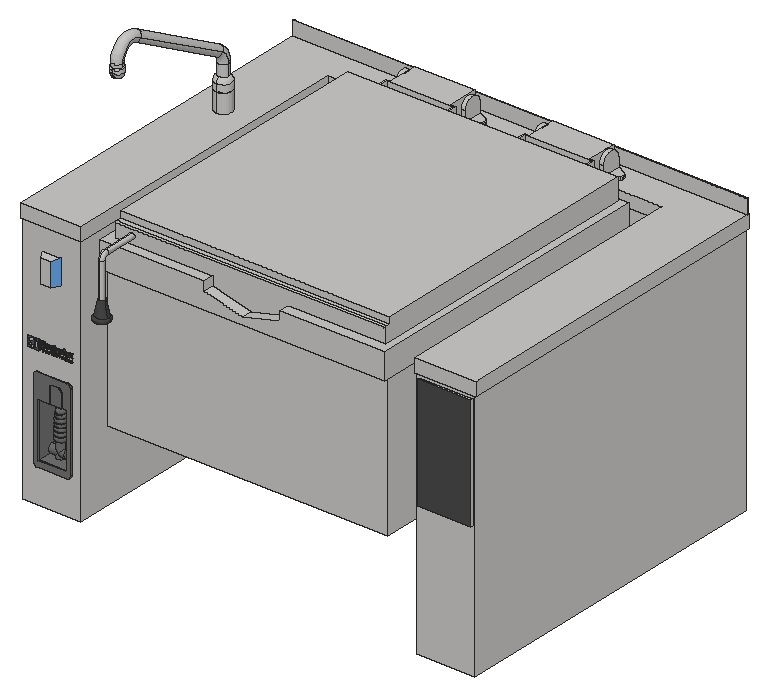
Revit family "QF_ELECTROLUXPROFESSIONAL_586955_PFET09ELES", category Specialty Equipment, Revit 2018 (continued)
Automatic sketch dimensions
  Extrusion 25 sketch curve to Extrusion 25 sketch curve = 0.292 mm
  Extrusion 25 sketch curve to Extrusion 25 sketch curve = 0.434 mm  (x2)
  Extrusion 25 sketch curve to Extrusion 25 sketch curve = 0.385 mm  (x2)
  Extrusion 25 sketch curve to Extrusion 25 sketch curve = 2.117 mm
  Extrusion 25 sketch curve to Extrusion 25 sketch curve = 0.295 mm  (x2)
  Extrusion 25 sketch curve to Extrusion 25 sketch curve = 0.968 mm
  Extrusion 25 sketch curve to Extrusion 25 sketch curve = 3.826 mm
  Extrusion 25 sketch curve to Extrusion 25 sketch curve = 1.018 mm  (x2)
  Extrusion 25 sketch curve to Extrusion 25 sketch curve = 4.718 mm
  Extrusion 25 sketch curve to Extrusion 25 sketch curve = 2.967 mm
  Extrusion 25 sketch curve to Extrusion 25 sketch curve = 1.662 mm
  Extrusion 25 sketch curve to Extrusion 25 sketch curve = 1.626 mm  (x3)
  Extrusion 25 sketch curve to Extrusion 25 sketch curve = 1.65 mm
  Extrusion 25 sketch curve to Extrusion 25 sketch curve = 1.192 mm
  Extrusion 25 sketch curve to Extrusion 25 sketch curve = 2.57 mm  (x2)
  Extrusion 25 sketch curve to Extrusion 25 sketch curve = 3.444 mm  (x2)
  Extrusion 25 sketch curve to Extrusion 25 sketch curve = 1.343 mm  (x2)
  Extrusion 25 sketch curve to Extrusion 25 sketch curve = 1.353 mm  (x2)
  Extrusion 25 sketch curve to Extrusion 25 sketch curve = 0.027 mm  (x2)
  Extrusion 25 sketch curve to Extrusion 25 sketch curve = 0.395 mm  (x2)
  Extrusion 25 sketch curve to Extrusion 25 sketch curve = 0.329 mm  (x2)
  Extrusion 25 sketch curve to Extrusion 25 sketch curve = 0.425 mm  (x2)
  Extrusion 25 sketch curve to Extrusion 25 sketch curve = 0.051 mm  (x2)
  Extrusion 25 sketch curve to Extrusion 25 sketch curve = 0.495 mm  (x2)
  Extrusion 25 sketch curve to Extrusion 25 sketch curve = 0.267 mm  (x2)
  Extrusion 25 sketch curve to Extrusion 25 sketch curve = 1.40 mm
  Extrusion 25 sketch curve to Extrusion 25 sketch curve = 5.233 mm
  Extrusion 25 sketch curve to Extrusion 25 sketch curve = 2.062 mm
  plane 3 "LEFT" to Extrusion 26 sketch curve = 43.40 mm
  Extrusion 26 sketch curve to Extrusion 26 sketch curve = 82.00 mm
  plane 7 to Extrusion 26 sketch curve = 105.944 mm
  Extrusion 26 sketch curve to Extrusion 26 sketch curve = 195.00 mm
  Extrusion 27 sketch curve to plane 6 "TOP" = 0.00 mm
  Extrusion 27 sketch curve to plane 1 "BACK" = 0.00 mm
  Extrusion 27 sketch curve to Extrusion 27 sketch curve = 2.00 mm
  plane 6 "TOP" to Extrusion 27 sketch curve = 37.998 mm
  radius of Sweep 5 sketch curve = 6.119 mm
  radius of Extrusion 22 sketch curve = 6.35 mm  (x2)
  radius of Extrusion 23 sketch curve = 6.35 mm
  radius of curve 28 = 25.00 mm
  radius of Extrusion 25 sketch curve = 2.453 mm
  radius of Extrusion 25 sketch curve = 1.557 mm
  radius of Extrusion 25 sketch curve = 1.468 mm
  radius of Extrusion 25 sketch curve = 2.451 mm
Nested families
  nested 1: "QF_ELECTROLUXPROFESSIONAL_RubSprint" at (80, -330.346, 900), type "QF_ELECTROLUXPROFESSIONAL_RubSprint"
  nested 2: "QF_ELECTROLUXPROFESSIONAL_SprayGun" at (80.4, -837, 291.944), type "QF_ELECTROLUXPROFESSIONAL_SprayGun"
Connectors
  electrical at (1121.204, 5, 395), driven by "Volts"
    settings: on Extrusion 23, index 1, voltage 400 V, apparent load 15500 VA, apparent load phase1 0 VA, apparent load phase2 0 VA, apparent load phase3 0 VA, power factor 1, load classification "Other", number of poles 1, system type 30, power factor state 1, is connector primary yes, connector utility no, sub classification motor no, connector description "Electrical Connection"
  piping at (106.204, 5, 395), diameter 12.7
    settings: on Extrusion 22, index 2, connector inside diameter 1/2", connector length 0.00 mm, flow factor 0, pipe flow 0 GPM, pressure drop 0.00 psi, fitting loss kfactor 0, connector angle 0.00°, fixture units 0, engagement length 0.00 mm, angle of deflection 0.00°, flow configuration 1, flow direction 1, fitting loss method 0, system type 20, joint type 0, gender type 0, connector reference index -1, connector utility 0, adjustable connector no, is connector primary yes, connector description "Cold Water Inlet"
  piping at (46.204, 5, 395), diameter 12.7
    settings: on Extrusion 22, index 3, connector inside diameter 1/2", connector length 0.00 mm, flow factor 0, pipe flow 0 GPM, pressure drop 0.00 psi, fitting loss kfactor 0, connector angle 0.00°, fixture units 0, engagement length 0.00 mm, angle of deflection 0.00°, flow configuration 1, flow direction 1, fitting loss method 0, system type 19, joint type 0, gender type 0, connector reference index -1, connector utility 0, adjustable connector no, is connector primary no, connector description "Hot Water Inlet"
Definition of nested family "QF_ELECTROLUXPROFESSIONAL_RubSprint"
  Reference planes
    plane 1 "Center (Front/Back)": y = 0
    plane 2: z = 0
    plane 3 "Center (Left/Right)": x = 0
  Forms (mm)
    Revolve 1, solid
      sketch origin (0, 0, 0) x (0, 1, 0) y (0, 0, 1)
        loop
          line (-21, 0) -> (0, 0) -> (0, 82.75) -> (-14.385, 82.75)
          arc (-14.385, 82.75) -> (-19.409, 76.68) -> (-22.385, 69.383) r 26
          line (-22.385, 69.383) -> (-22.385, 51.306) -> (-21, 50.388) -> (-21, 0)
        axis (0, 82.75) -> (0, 0)
      angle from 0 to 360
    Sweep 2, solid
      path origin (0, 0, 0) x (0, 1, 0) y (0, 0, 1)
        loop
          line (0, 82.75) -> (0, 113.75)
          arc (0, 113.75) -> (-5.44, 133.889) -> (-20.279, 148.551) r 40
          line (-20.279, 148.551) -> (-290.279, 301.55)
          arc (-290.279, 301.55) -> (-330.139, 301.31) -> (-349.999, 266.749) r 40
          line (-349.999, 266.749) -> (-349.999, 257.884)
      profile origin (0, 0, 98.25) x (0, -1, 0) y (1, 0, 0)
        loop
          circle (0, 0) r 13.5
    Revolve 3, solid
      sketch origin (0, 0, 0) x (0, 1, 0) y (0, 0, 1)
        loop
          line (-333.717, 244.264) -> (-333.717, 254.236)
          arc (-333.717, 254.236) -> (-334.434, 255.758) -> (-335.779, 256.77) r 3.5
          line (-335.779, 256.77) -> (-336.499, 257.884) -> (-349.999, 257.884) -> (-349.999, 233.05) -> (-339.2, 233.05)
          arc (-339.2, 233.05) -> (-338.052, 233.411) -> (-337.32, 234.365) r 2
          line (-337.32, 234.365) -> (-333.717, 244.264)
        axis (-349.999, 257.884) -> (-349.999, 233.05)
      angle from 0 to 360
  Lines and regions (mm)
    symbolic lines
      curve 1: arc (-13.5, -17.856, 0) -> (0, 22.385, 0) -> (13.5, -17.856, 0) r 22.385
      curve 2: arc (-13.5, 0, 0) -> (0, 13.5, 0) -> (13.5, 0, 0) r 13.5
      curve 3: arc (-13.5, -349.999, 0) -> (0, -363.499, 0) -> (13.5, -349.999, 0) r 13.5
      curve 4: arc (-13.5, -340.897, 0) -> (0, -366.281, 0) -> (13.5, -340.897, 0) r 16.282
      curve 5: line (13.5, -349.999, 0) -> (13.5, 0, 0)
      curve 6: line (-13.5, -349.999, 0) -> (-13.5, 0, 0)
  Dimensions and locks
    aligned and locked: level to plane 2
Definition of nested family "QF_ELECTROLUXPROFESSIONAL_SprayGun"
  Reference planes
    plane 1 "Center (Front/Back)": y = 0
    plane 2: z = 0
    plane 3 "SGy": x = 13
    plane 4 "AxeZ": y = -45
    plane 5 "Center (Left/Right)": x = 4
    plane 6 "Center (Top/Right)": z = 112.5
  Forms (mm)
    Revolve 1, solid
      sketch origin (0, -45, 0) x (0, 0, 1) y (-1, 0, 0)
        loop
          line (73.98, -1.423) -> (33.98, -1.423) -> (33.98, -13) -> (151.7, -13) -> (151.7, -4.362)
          arc (151.7, -4.362) -> (147.093, -1.396) -> (141.64, -1.926) r 8.345
          arc (141.64, -1.926) -> (140.226, -2.024) -> (139.103, -1.16) r 2
          arc (139.103, -1.16) -> (138.832, -0.814) -> (138.493, -0.536) r 2
          arc (138.493, -0.536) -> (134.77, 0.557) -> (131.061, -0.581) r 6.745
          arc (131.061, -0.581) -> (129.812, -0.914) -> (128.62, -0.414) r 2
          arc (128.62, -0.414) -> (124.347, 1.338) -> (119.917, 0.035) r 6.972
          arc (119.917, 0.035) -> (118.79, -0.341) -> (117.648, -0.011) r 2
          arc (117.648, -0.011) -> (113.81, 1.188) -> (109.921, 0.166) r 7.275
          arc (109.921, 0.166) -> (108.725, -0.109) -> (107.594, 0.367) r 2
          arc (107.594, 0.367) -> (103.55, 1.928) -> (99.427, 0.587) r 6.475
          arc (99.427, 0.587) -> (98.262, 0.173) -> (97.076, 0.524) r 2
          arc (97.076, 0.524) -> (92.711, 1.941) -> (88.277, 0.758) r 8.094
          arc (88.277, 0.758) -> (87.212, 0.464) -> (86.153, 0.781) r 2
          arc (86.153, 0.781) -> (79.633, 2.075) -> (73.98, -1.423) r 9.075
        axis (151.7, -13) -> (33.98, -13)
      angle from 0 to 360
    Revolve 2, solid
      sketch origin (0, -45, 0) x (0, 0, 1) y (-1, 0, 0)
        loop
          line (47.58, 11.558) -> (40.98, 11.558) -> (40.98, 9.577) -> (35.98, 9.577) -> (35.98, -30.423) -> (40.98, -30.423) -> (40.98, -35.423) -> (47.58, -35.423) -> (47.58, 11.558)
        axis (47.58, 11.558) -> (47.58, -35.423)
      angle from 0 to 360
    Extrusion 3, solid
      sketch origin (0, -45, 0) x (1, 0, 0) y (0, 1, 0)
        loop
          line (21.638, 0) -> (17.319, 7.481) -> (8.681, 7.481) -> (4.362, 0) -> (8.681, -7.481) -> (17.319, -7.481) -> (21.638, 0)
      from 151.7 to 160.974
    Extrusion 4, solid
      sketch origin (0, 0, 0) x (1, 0, 0) y (0, 0, 1)
        loop
          arc (-45, 10) -> (-42.071, 2.929) -> (-35, 0) r 10
          line (-35, 0) -> (43, 0)
          arc (43, 0) -> (50.071, 2.929) -> (53, 10) r 10
          line (53, 10) -> (53, 215)
          arc (53, 215) -> (50.071, 222.071) -> (43, 225) r 10
          line (43, 225) -> (-35, 225)
          arc (-35, 225) -> (-42.071, 222.071) -> (-45, 215) r 10
          line (-45, 215) -> (-45, 10)
        loop
          line (-35, 162) -> (-35, 16) -> (43, 16) -> (43, 162) -> (29, 162) -> (29, 199)
          arc (29, 199) -> (26.657, 204.657) -> (21, 207) r 8
          line (21, 207) -> (5, 207)
          arc (5, 207) -> (-0.657, 204.657) -> (-3, 199) r 8
          line (-3, 199) -> (-3, 162) -> (-35, 162)
      from 63 to 60
    Extrusion 5, solid
      sketch origin (0, 0, 0) x (1, 0, 0) y (0, 0, 1)
        loop
          line (-35, 16) -> (43, 16) -> (43, 162) -> (29, 162) -> (29, 199)
          arc (29, 199) -> (26.657, 204.657) -> (21, 207) r 8
          line (21, 207) -> (5, 207)
          arc (5, 207) -> (-0.657, 204.657) -> (-3, 199) r 8
          line (-3, 199) -> (-3, 162) -> (-35, 162) -> (-35, 16)
        loop
          line (31, 164) -> (31, 199)
          arc (31, 199) -> (28.071, 206.071) -> (21, 209) r 10
          line (21, 209) -> (5, 209)
          arc (5, 209) -> (-2.071, 206.071) -> (-5, 199) r 10
          line (-5, 199) -> (-5, 164) -> (-37, 164) -> (-37, 14) -> (45, 14) -> (45, 164) -> (31, 164)
      from 0 to 60
    Extrusion 6, solid
      sketch origin (0, 0, 0) x (1, 0, 0) y (0, 0, 1)
        loop
          line (-37, 164) -> (-37, 14) -> (45, 14) -> (45, 164) -> (-37, 164)
      from 6 to 0
    Extrusion 7, solid
      sketch origin (0, 0, 0) x (1, 0, 0) y (0, 0, 1)
        loop
          line (28, 160.974) -> (28, 198)
          arc (28, 198) -> (25.657, 203.657) -> (20, 206) r 8
          line (20, 206) -> (6, 206)
          arc (6, 206) -> (0.343, 203.657) -> (-2, 198) r 8
          line (-2, 198) -> (-2, 160.974) -> (28, 160.974)
      from 0 to 63
  Dimensions and locks
    equal spacing: Extrusion 4, plane 5 "Center (Left/Right)", Extrusion 4
    Extrusion 4 to Extrusion 4 = 225.00 mm
    Extrusion 4 to Extrusion 4 = 98.00 mm
    aligned and locked: level to plane 2
  Automatic sketch dimensions
    plane 3 "SGy" to Revolve 1 sketch curve = 0.00 mm  (x2)
    plane 5 "Center (Left/Right)" to Revolve 1 sketch curve = 2.577 mm
    level to Revolve 1 sketch curve = 33.98 mm
    Revolve 1 sketch curve to Revolve 1 sketch curve = 40.00 mm
    Revolve 1 sketch curve to plane 5 "Center (Left/Right)" = 2.854 mm
    Revolve 1 sketch curve to Revolve 1 sketch curve = 7.27 mm
    Revolve 1 sketch curve to Revolve 1 sketch curve = 5.984 mm
    Revolve 1 sketch curve to plane 5 "Center (Left/Right)" = 2.15 mm
    Revolve 1 sketch curve to Revolve 1 sketch curve = 5.262 mm
    Revolve 1 sketch curve to Revolve 1 sketch curve = 5.712 mm
    Revolve 1 sketch curve to plane 5 "Center (Left/Right)" = 0.545 mm
    Revolve 1 sketch curve to Revolve 1 sketch curve = 5.167 mm
    Revolve 1 sketch curve to Revolve 1 sketch curve = 5.522 mm
    Revolve 1 sketch curve to plane 5 "Center (Left/Right)" = 2.085 mm
    Revolve 1 sketch curve to Revolve 1 sketch curve = 4.746 mm
    Revolve 1 sketch curve to Revolve 1 sketch curve = 5.106 mm
    Revolve 1 sketch curve to plane 5 "Center (Left/Right)" = 1.624 mm
    Revolve 1 sketch curve to Revolve 1 sketch curve = 5.239 mm
    Revolve 1 sketch curve to Revolve 1 sketch curve = 5.96 mm
    Revolve 1 sketch curve to plane 5 "Center (Left/Right)" = 2.187 mm
    Revolve 1 sketch curve to Revolve 1 sketch curve = 4.862 mm
    plane 5 "Center (Left/Right)" to Revolve 1 sketch curve = 1.788 mm
    Revolve 1 sketch curve to Revolve 1 sketch curve = 2.59 mm
    Revolve 1 sketch curve to Revolve 1 sketch curve = 3.403 mm
    plane 3 "SGy" to Revolve 1 sketch curve = 3.493 mm
    Revolve 1 sketch curve to Revolve 1 sketch curve = 4.325 mm
    Revolve 1 sketch curve to Revolve 1 sketch curve = 6.57 mm
    Revolve 1 sketch curve to plane 5 "Center (Left/Right)" = 0.362 mm
    plane 5 "Center (Left/Right)" to Revolve 1 sketch curve = 3.891 mm
    plane 5 "Center (Left/Right)" to Revolve 1 sketch curve = 5.081 mm
    plane 5 "Center (Left/Right)" to Revolve 1 sketch curve = 5.658 mm
    plane 5 "Center (Left/Right)" to Revolve 1 sketch curve = 5.884 mm
    plane 5 "Center (Left/Right)" to Revolve 1 sketch curve = 6.173 mm
    plane 5 "Center (Left/Right)" to Revolve 1 sketch curve = 6.464 mm
    Revolve 1 sketch curve to Revolve 1 sketch curve = 7.72 mm
    Revolve 1 sketch curve to Revolve 1 sketch curve = 0.00 mm  (x12)
    Revolve 1 sketch curve to Revolve 1 sketch curve = 1.57 mm
    Revolve 2 sketch curve to plane 3 "SGy" = 17.423 mm
    level to Revolve 2 sketch curve = 35.98 mm
    Revolve 2 sketch curve to Revolve 2 sketch curve = 5.00 mm  (x3)
    Revolve 2 sketch curve to Revolve 2 sketch curve = 6.60 mm
    plane 5 "Center (Left/Right)" to Revolve 2 sketch curve = 13.577 mm
    Revolve 2 sketch curve to Revolve 2 sketch curve = 1.981 mm
    Revolve 2 sketch curve to Revolve 2 sketch curve = 0.00 mm  (x2)
    Revolve 2 sketch curve to Revolve 2 sketch curve = 4.326 mm
    plane 4 "AxeZ" to Extrusion 3 sketch curve = 0.00 mm  (x2)
    Extrusion 3 sketch curve to plane 5 "Center (Left/Right)" = 0.362 mm
    plane 3 "SGy" to Extrusion 3 sketch curve = 4.319 mm  (x2)
    Extrusion 3 sketch curve to plane 3 "SGy" = 4.319 mm  (x2)
    Extrusion 3 sketch curve to Extrusion 3 sketch curve = 4.319 mm
    plane 4 "AxeZ" to Extrusion 3 sketch curve = 7.481 mm
    Extrusion 3 sketch curve to plane 4 "AxeZ" = 7.481 mm
    Extrusion 4 sketch curve to level = 0.00 mm
    level to Extrusion 4 sketch curve = 10.00 mm
    plane 5 "Center (Left/Right)" to Extrusion 4 sketch curve = 49.00 mm
    Extrusion 4 sketch curve to Extrusion 4 sketch curve = 10.00 mm  (x2)
    Extrusion 4 sketch curve to Extrusion 4 sketch curve = 0.00 mm  (x3)
    plane 5 "Center (Left/Right)" to Extrusion 4 sketch curve = 7.00 mm
    Extrusion 4 sketch curve to plane 5 "Center (Left/Right)" = 1.00 mm
    Extrusion 4 sketch curve to plane 3 "SGy" = 8.00 mm
    Extrusion 4 sketch curve to plane 3 "SGy" = 16.00 mm
    Extrusion 4 sketch curve to Extrusion 4 sketch curve = 14.00 mm  (x2)
    Extrusion 4 sketch curve to Extrusion 4 sketch curve = 6.00 mm
    Extrusion 4 sketch curve to Extrusion 4 sketch curve = 146.00 mm
    Extrusion 4 sketch curve to Extrusion 4 sketch curve = 37.00 mm
    Extrusion 4 sketch curve to Extrusion 4 sketch curve = 16.00 mm
    Extrusion 5 sketch curve to Extrusion 5 sketch curve = 0.00 mm  (x5)
    level to Extrusion 5 sketch curve = 14.00 mm
    plane 5 "Center (Left/Right)" to Extrusion 5 sketch curve = 41.00 mm
    Extrusion 5 sketch curve to Extrusion 5 sketch curve = 2.00 mm  (x6)
    plane 5 "Center (Left/Right)" to Extrusion 5 sketch curve = 9.00 mm
    Extrusion 5 sketch curve to plane 5 "Center (Left/Right)" = 1.00 mm
    Extrusion 5 sketch curve to plane 3 "SGy" = 8.00 mm
    Extrusion 5 sketch curve to Extrusion 5 sketch curve = 8.00 mm
    Extrusion 5 sketch curve to plane 3 "SGy" = 30.00 mm
    Extrusion 5 sketch curve to Extrusion 5 sketch curve = 146.00 mm
    Extrusion 5 sketch curve to Extrusion 5 sketch curve = 35.00 mm
    level to Extrusion 6 sketch curve = 14.00 mm
    plane 5 "Center (Left/Right)" to Extrusion 6 sketch curve = 41.00 mm
    Extrusion 6 sketch curve to plane 3 "SGy" = 32.00 mm
    Extrusion 6 sketch curve to Extrusion 6 sketch curve = 150.00 mm
    plane 5 "Center (Left/Right)" to Extrusion 7 sketch curve = 6.00 mm
    Extrusion 7 sketch curve to plane 5 "Center (Left/Right)" = 2.00 mm
    Extrusion 7 sketch curve to plane 3 "SGy" = 7.00 mm
    Extrusion 7 sketch curve to plane 3 "SGy" = 15.00 mm
    level to Extrusion 7 sketch curve = 160.974 mm
    Extrusion 7 sketch curve to Extrusion 7 sketch curve = 37.026 mm
